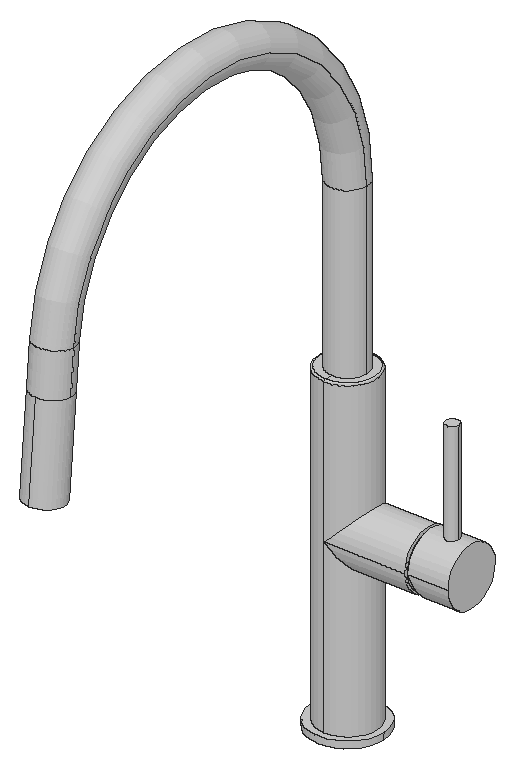
Revit family "liano II pull-out sink mixer", category Specialty Equipment, host Face, Revit 2019
Family settings
  Host = Face
  Round Connector Dimension = Use Radius
  Part Type = Normal
  OmniClass Number = 23.45.55.14
  OmniClass Title = Single Faucets
  Cut with Voids When Loaded = No
  Shared = No
  Room Calculation Point = No
Parameters (values of type "LIANO II PULL-OUT SINK MIXER CHROME")
  URL = "https://www.caroma.com.au/"
  Model = "96380C5A"
  Material_Base = GWA_Metal-Chrome
  Manufacturer = "GWA Bathrooms & Kitchens"  # constant formula
  Keynote = ""
  Description = "LIANO II PULL-OUT SINK MIXER CHROME"
  Default Elevation = 1000 mm
  CreatedBy_ANZRS = "GWA Bathrooms & Kitchens"  # constant formula
  Assembly Code = "C1030220"
Types (6, lengths in mm): name | Model | Material_Base | Description
  (no name) | "96380C5A" | GWA_Metal-Chrome | "LIANO II PULL-OUT SINK MIXER CHROME"
  LIANO II PULL-OUT SINK MIXER CHROME | "96380C5A" | GWA_Metal-Chrome | "LIANO II PULL-OUT SINK MIXER CHROME"
  LIANO II PULL-OUT SINK MIXER MATTE BLACK | "96380B5A" | GWA-Metal-Black | "LIANO II PULL-OUT SINK MIXER MATTE BLACK"
  LIANO II PULL-OUT SINK MIXER GUNMETAL | "96380GM5A" | GWA-Metal-Gunmetal Grey | "LIANO II PULL-OUT SINK MIXER GUNMETAL"
  LIANO II PULL-OUT SINK MIXER BRUSHED NICKEL | "96380BN5A" | GWA_Metal-Brushed-Nickel | "LIANO II PULL-OUT SINK MIXER BRUSHED NICKEL"
  LIANO II PULL-OUT SINK MIXER BRUSHED BRASS | "96380BB5A" | GWA_Metal-Brushed-Brass | "LIANO II PULL-OUT SINK MIXER BRUSHED BRASS"
Reference planes
  plane 1 "Center (Front/Back)": y = 0
  plane 2: z = 0
  plane 3 "Center (Left/Right)": x = 0
Forms (mm)
  Extrusion 1, solid, material "GWA_Metal-Chrome" <- "Material_Base"
    sketch origin (0, 0, 0) x (1, 0, 0) y (0, 1, 0)
      loop
        circle (0, 0) r 22.5
    from 0 to 4
  Sweep 2, solid, material "GWA_Metal-Chrome" <- "Material_Base"
    path origin (0, 0, 0) x (0, 1, 0) y (0, 0, 1)
      loop
        line (0, 200) -> (0, 304.109)
        arc (0, 304.109) -> (-109.027, 418) -> (-227.566, 314.044) r 114
        line (-227.566, 314.044) -> (-229.871, 287.706)
    profile origin (0, 0, 252.054) x (0, -1, 0) y (1, 0, 0)
      loop
        circle (0, 0) r 12
  Extrusion 3, void
    sketch origin (0, 2.828, 204.253) x (0, 0.996195, -0.087156) y (1, 0, 0)
      loop
        circle (-239.087, 0) r 9.35
    from -5 to 6
  Revolve 4, solid, material "GWA_Metal-Chrome" <- "Material_Base"
    sketch origin (0, 0, 0) x (0, 1, 0) y (0, 0, 1)
      loop
        line (0, 4) -> (18, 4) -> (18, 199)
        arc (18, 199) -> (17.707, 199.707) -> (17, 200) r 1
        line (17, 200) -> (0, 200) -> (0, 4)
      axis (0, 200) -> (0, 4)
    angle from 0 to 360
  Extrusion 5, solid, material "GWA_Metal-Chrome" <- "Material_Base"
    sketch origin (0, 0, 0) x (0, 1, 0) y (0, 0, 1)
      loop
        circle (0, 110) r 18
    from 0 to 50
  Revolve 6, solid, material "GWA_Metal-Chrome" <- "Material_Base"
    sketch origin (0, 0, 110) x (1, 0, 0) y (0, 1, 0)
      loop
        line (50, 0) -> (57.7, 0) -> (57.7, 13.5)
        arc (57.7, 13.5) -> (53.951, 15.26) -> (50, 16.5) r 30.7
        line (50, 16.5) -> (50, 0)
      axis (57.7, 0) -> (50, 0)
    angle from 0 to 360
  Extrusion 7, solid, material "GWA_Metal-Chrome" <- "Material_Base"
    sketch origin (0, 0, 0) x (0, 1, 0) y (0, 0, 1)
      loop
        circle (0, 110) r 18
    from 52 to 77
  Extrusion 8, void
    sketch origin (0, 0, 0) x (1, 0, 0) y (0, 0, 1)
      loop
        line (50, 110) -> (50, 87) -> (58.6, 87) -> (58.6, 92) -> (52, 110) -> (50, 110)
    from -25 to 25
  Extrusion 9, solid, material "GWA_Metal-Chrome" <- "Material_Base"
    sketch origin (0, 0, 110) x (1, 0, 0) y (0, 1, 0)
      loop
        circle (65.05, 0) r 3.95
    from 0 to 81
  Sweep 10, solid, material "GWA_Metal-Chrome" <- "Material_Base"
    path origin (0, 0, 0) x (0, 1, 0) y (0, 0, 1)
      loop
        line (-229.871, 287.706) -> (-235, 229.075)
    profile origin (0, -232.435, 258.391) x (0, 0.996195, -0.087156) y (1, 0, 0)
      loop
        circle (0, 0) r 12
  Revolve 11, solid, material "GWA_Metal-Chrome" <- "Material_Base"
    sketch origin (-11.5, 0, 1) x (1, 0, 0) y (0, 0, 1)
      loop
        line (77, 92) -> (77, 90.3)
        arc (77, 90.3) -> (78.934, 90.465) -> (80.8, 91) r 10
        line (80.8, 91) -> (80.8, 92) -> (77, 92)
      axis (77, 90.3) -> (77, 92)
    angle from 0 to 360
  Extrusion 12, void
    sketch origin (-11.5, 0, 0) x (1, 0, 0) y (0, 1, 0)
      loop
        circle (77, 0) r 3.8
    from 80 to 93
Cuts and joins
  Extrusion 8 cuts Extrusion 5
  joined: Revolve 4, Extrusion 5
  Extrusion 8, Extrusion 12 cuts Extrusion 7
  joined: Extrusion 7, Extrusion 9
  Extrusion 3 cuts Sweep 10
Lines and regions (mm)
  Masking region 1
    outline origin (0, 0, 110) x (1, 0, 0) y (0, 1, 0)
      loop
        line (-12, -19.033) -> (-12, -235)
        spline (-12, -235) -> (-11.591, -238.094) -> (-10.392, -240.977) -> (-8.485, -243.453) -> (-6, -245.353) -> (-3.106, -246.547) -> (0, -246.954) -> (3.106, -246.547) -> (6, -245.353) -> (8.485, -243.453) -> (10.392, -240.977) -> (11.591, -238.094) -> (12, -235)
        line (12, -235) -> (12, -19.033)
        arc (12, -19.033) -> (12.76, -18.532) -> (13.5, -18) r 22.5
        line (13.5, -18) -> (50, -18) -> (50, -16.5)
        arc (50, -16.5) -> (51.005, -16.24) -> (52, -15.946) r 30.7
        line (52, -15.946) -> (52, -18) -> (77, -18) -> (77, 18) -> (52, 18) -> (52, 15.946)
        arc (52, 15.946) -> (51.005, 16.24) -> (50, 16.5) r 30.7
        line (50, 16.5) -> (50, 18) -> (13.5, 18)
        arc (13.5, 18) -> (-18.532, 12.76) -> (-12, -19.033) r 22.5
  Masking region 2
    outline origin (0, 0, 0) x (0, 1, 0) y (0, 0, 1)
      loop
        line (18, 4) -> (18, 199)
        arc (18, 199) -> (17.707, 199.707) -> (17, 200) r 1
        line (17, 200) -> (12, 200) -> (12, 304.109)
        arc (12, 304.109) -> (-108.504, 429.989) -> (-239.521, 315.09) r 126
        line (-239.521, 315.09) -> (-246.954, 230.121) -> (-223.046, 228.03) -> (-215.612, 312.998)
        arc (-215.612, 312.998) -> (-109.551, 406.011) -> (-12, 304.109) r 102
        line (-12, 304.109) -> (-12, 200) -> (-17, 200)
        arc (-17, 200) -> (-17.707, 199.707) -> (-18, 199) r 1
        line (-18, 199) -> (-18, 4) -> (-22.5, 4) -> (-22.5, 0) -> (22.5, 0) -> (22.5, 4) -> (18, 4)
  Masking region 3
    outline origin (0, 0, 0) x (1, 0, 0) y (0, 0, 1)
      loop
        line (-18, 4) -> (-22.5, 4) -> (-22.5, 0) -> (22.5, 0) -> (22.5, 4) -> (18, 4) -> (18, 86)
        arc (18, 86) -> (19.757, 90.243) -> (24, 92) r 6
        line (24, 92) -> (50, 92) -> (50, 93.5)
        arc (50, 93.5) -> (53.619, 94.613) -> (57.074, 96.162) r 30.7
        line (57.074, 96.162) -> (58.6, 92) -> (61.7, 92)
        arc (61.7, 92) -> (65.5, 91.25) -> (69.3, 92) r 10
        line (69.3, 92) -> (77, 92) -> (77, 128) -> (69, 128) -> (69, 191) -> (61.1, 191) -> (61.1, 128) -> (52.001, 128) -> (52.001, 125.946)
        arc (52.001, 125.946) -> (51.005, 126.24) -> (50, 126.5) r 30.7
        line (50, 126.5) -> (50, 128) -> (24, 128)
        arc (24, 128) -> (19.757, 129.757) -> (18, 134) r 6
        line (18, 134) -> (18, 199)
        arc (18, 199) -> (17.707, 199.707) -> (17, 200) r 1
        line (17, 200) -> (12, 200) -> (12, 418)
        arc (12, 418) -> (0, 430) -> (-12, 418) r 12
        line (-12, 418) -> (-12, 200) -> (-17, 200)
        arc (-17, 200) -> (-17.707, 199.707) -> (-18, 199) r 1
        line (-18, 199) -> (-18, 4)
  symbolic lines
    curve 1: line (52, 18, 110) -> (77, 18, 110)
    curve 2: line (52, -18, 110) -> (52, 18, 110)
    curve 3: line (77, -18, 110) -> (52, -18, 110)
    curve 4: line (77, 18, 110) -> (77, -18, 110)
    curve 5: line (50, 18, 110) -> (0, 18, 110)
    curve 6: line (50, -18, 110) -> (50, 18, 110)
    curve 7: line (12, -18, 110) -> (50, -18, 110)
    curve 8: line (-12, -235, 110) -> (-12, 0, 110)
    curve 9: line (12, 0, 110) -> (12, -235, 110)
    curve 10: arc (12, -13.416, 110) -> (0, 18, 110) -> (-12, -13.416, 110) r 18
    curve 11: circle (65.05, 0, 110) r 3.95 normal (0, 0, -1)
    curve 12: arc (-12, 0, 110) -> (0, 12, 110) -> (12, 0, 110) r 12
    curve 13: arc (13.5, -18, 110) -> (12.76, -18.532, 110) -> (12, -19.033, 110) r 22.5
    curve 14: arc (-12, -19.033, 110) -> (-18.532, 12.76, 110) -> (13.5, 18, 110) r 22.5
    curve 15: arc (50, -16.5, 110) -> (51.005, -16.24, 110) -> (52, -15.946, 110) r 30.7
    curve 16: arc (50, 16.5, 110) -> (51.005, 16.24, 110) -> (52, 15.946, 110) r 30.7
    curve 17: circle (0, 0, 110) r 18 normal (1, 0, 0)
    curve 18: line (0, -3.95, 191) -> (0, 3.95, 191)
    curve 19: line (0, 3.95, 191) -> (0, 3.95, 127.561)
    curve 20: line (0, -3.95, 191) -> (0, -3.95, 127.561)
    curve 21: line (0, -22.5, 4) -> (0, 22.5, 4)
    curve 22: line (0, -22.5, 0) -> (0, -22.5, 4)
    curve 23: line (0, 22.5, 0) -> (0, -22.5, 0)
    curve 24: line (0, 22.5, 4) -> (0, 22.5, 0)
    curve 25: line (0, -18, 4) -> (0, -18, 199)
    curve 26: line (0, 17, 200) -> (0, -17, 200)
    curve 27: line (0, 18, 4) -> (0, 18, 199)
    curve 28: arc (0, -18, 199) -> (0, -17.707, 199.707) -> (0, -17, 200) r 1
    curve 29: arc (0, 17, 200) -> (0, 17.707, 199.707) -> (0, 18, 199) r 1
    curve 30: line (50, 0, 128) -> (24, 0, 128)
    curve 31: line (50, 0, 92) -> (24, 0, 92)
    curve 32: line (77, 0, 92) -> (58.6, 0, 92)
    curve 33: line (58.6, 0, 92) -> (52.001, 0, 109.998)
    curve 34: line (52.001, 0, 109.998) -> (52.001, 0, 128)
    curve 35: line (52.001, 0, 128) -> (61.1, 0, 128)
    curve 36: line (77, 0, 128) -> (77, 0, 92)
    curve 37: line (61.1, 0, 191) -> (69, 0, 191)
    curve 38: line (69, 0, 191) -> (69, 0, 128)
    curve 39: line (61.1, 0, 191) -> (61.1, 0, 128)
    curve 40: arc (50, 0, 93.5) -> (53.619, 0, 94.613) -> (57.074, 0, 96.162) r 30.7
    curve 41: arc (50, 0, 126.5) -> (51.005, 0, 126.24) -> (52.001, 0, 125.946) r 30.7
    curve 42: line (-22.5, 0, 4) -> (22.5, 0, 4)
    curve 43: line (-22.5, 0, 0) -> (-22.5, 0, 4)
    curve 44: line (22.5, 0, 0) -> (-22.5, 0, 0)
    curve 45: line (22.5, 0, 4) -> (22.5, 0, 0)
    curve 46: line (-18, 0, 4) -> (-18, 0, 199)
    curve 47: line (18, 0, 4) -> (18, 0, 86)
    curve 48: line (-17, 0, 200) -> (17, 0, 200)
    curve 49: arc (-18, 0, 199) -> (-17.707, 0, 199.707) -> (-17, 0, 200) r 1
    curve 50: arc (17, 0, 200) -> (17.707, 0, 199.707) -> (18, 0, 199) r 1
    curve 51: line (18, 0, 134) -> (18, 0, 199)
    curve 52: arc (18, 0, 134) -> (19.757, 0, 129.757) -> (24, 0, 128) r 6
    curve 53: arc (24, 0, 92) -> (19.757, 0, 90.243) -> (18, 0, 86) r 6
    curve 54: line (50, 0, 92) -> (50, 0, 128)
    curve 55: arc (61.1, 0, 128) -> (65.05, 0, 126.957) -> (69, 0, 128) r 8
    curve 56: line (69, 0, 128) -> (77, 0, 128)
    curve 57: spline (12, -235, 110) -> (11.591, -238.094, 110) -> (10.392, -240.977, 110) -> (8.485, -243.453, 110) -> (6, -245.353, 110) -> (3.106, -246.547, 110) -> (0, -246.954, 110) -> (-3.106, -246.547, 110) -> (-6, -245.353, 110) -> (-8.485, -243.453, 110) -> (-10.392, -240.977, 110) -> (-11.591, -238.094, 110) -> (-12, -235, 110)
    curve 58: arc (12, 0, 418) -> (0, 0, 430) -> (-12, 0, 418) r 12
    curve 59: line (-12, 0, 418) -> (-12, 0, 200)
    curve 60: line (12, 0, 418) -> (12, 0, 200)
    curve 61: spline (12, 0, 287.706) -> (11.591, 0, 287.976) -> (10.392, 0, 288.228) -> (8.485, 0, 288.445) -> (6, 0, 288.611) -> (3.106, 0, 288.716) -> (0, 0, 288.751) -> (-3.106, 0, 288.716) -> (-6, 0, 288.611) -> (-8.485, 0, 288.445) -> (-10.392, 0, 288.228) -> (-11.591, 0, 287.976) -> (-12, 0, 287.706)
    curve 62: spline (0, 0, 228.03) -> (3.106, 0, 228.065) -> (6, 0, 228.17) -> (8.485, 0, 228.336) -> (10.392, 0, 228.553) -> (11.591, 0, 228.805) -> (12, 0, 229.075) -> (11.591, 0, 229.346) -> (10.392, 0, 229.598) -> (8.485, 0, 229.815) -> (6, 0, 229.981) -> (3.106, 0, 230.086) -> (0, 0, 230.121)
    curve 63: spline (0, 0, 230.121) -> (-3.106, 0, 230.086) -> (-6, 0, 229.981) -> (-8.485, 0, 229.815) -> (-10.392, 0, 229.598) -> (-11.591, 0, 229.346) -> (-12, 0, 229.075) -> (-11.591, 0, 228.805) -> (-10.392, 0, 228.553) -> (-8.485, 0, 228.336) -> (-6, 0, 228.17) -> (-3.106, 0, 228.065) -> (0, 0, 228.03)
    curve 64: spline (0, 0, 229.89) -> (-2.42, 0, 229.863) -> (-4.675, 0, 229.781) -> (-6.611, 0, 229.652) -> (-8.097, 0, 229.483) -> (-9.031, 0, 229.286) -> (-9.35, 0, 229.075) -> (-9.031, 0, 228.865) -> (-8.097, 0, 228.668) -> (-6.611, 0, 228.499) -> (-4.675, 0, 228.37) -> (-2.42, 0, 228.288) -> (0, 0, 228.261)
    curve 65: spline (0, 0, 228.261) -> (2.42, 0, 228.288) -> (4.675, 0, 228.37) -> (6.611, 0, 228.499) -> (8.097, 0, 228.668) -> (9.031, 0, 228.865) -> (9.35, 0, 229.075) -> (9.031, 0, 229.286) -> (8.097, 0, 229.483) -> (6.611, 0, 229.652) -> (4.675, 0, 229.781) -> (2.42, 0, 229.863) -> (0, 0, 229.89)
    curve 66: line (0, -241.825, 288.751) -> (0, -217.916, 286.66)
    curve 67: line (0, -246.954, 230.121) -> (0, -223.046, 228.03)
    curve 68: arc (0, -239.521, 315.09) -> (0, -108.504, 429.989) -> (0, 12, 304.109) r 126
    curve 69: arc (0, -215.612, 312.998) -> (0, -109.551, 406.011) -> (0, -12, 304.109) r 102
    curve 70: line (0, -223.046, 228.03) -> (0, -215.612, 312.998)
    curve 71: line (0, -246.954, 230.121) -> (0, -239.521, 315.09)
    curve 72: line (0, 12, 200) -> (0, 12, 304.109)
    curve 73: line (0, -12, 200) -> (0, -12, 304.109)
    curve 74: arc (61.7, 0, 92) -> (65.5, 0, 91.25) -> (69.3, 0, 92) r 10
    curve 75: line (0, -3.8, 92.406) -> (0, -3.8, 92)
    curve 76: arc (0, -3.8, 92) -> (0, 0, 91.25) -> (0, 3.8, 92) r 10
    curve 77: line (0, 3.8, 92) -> (0, 3.8, 92.406)
Dimensions and locks
  aligned and locked: plane 2 to host face
  aligned and locked: level to host face
  aligned and locked: Masking region 2 sketch curve to curve 73
Connectors
  piping at (10, 0, 0), diameter 20
    settings: index 1, connector inside diameter 609.6 mm, connector length 0 mm, flow factor 0, pipe flow 0.0 L/s, pressure drop 0.0 Pa, fitting loss kfactor 0, connector angle 0.00°, fixture units 0, engagement length 0 mm, angle of deflection 0.00°, flow configuration 3, flow direction 1, fitting loss method 0, system type 20, joint type 0, gender type 0, connector reference index -1, connector utility 0, adjustable connector no, is connector primary yes, connector description ""
  piping at (-10, 0, 0), diameter 20
    settings: index 2, connector inside diameter 609.6 mm, connector length 0 mm, flow factor 0, pipe flow 0.0 L/s, pressure drop 0.0 Pa, fitting loss kfactor 0, connector angle 0.00°, fixture units 0, engagement length 0 mm, angle of deflection 0.00°, flow configuration 3, flow direction 1, fitting loss method 0, system type 19, joint type 0, gender type 0, connector reference index -1, connector utility 0, adjustable connector no, is connector primary no, connector description ""
